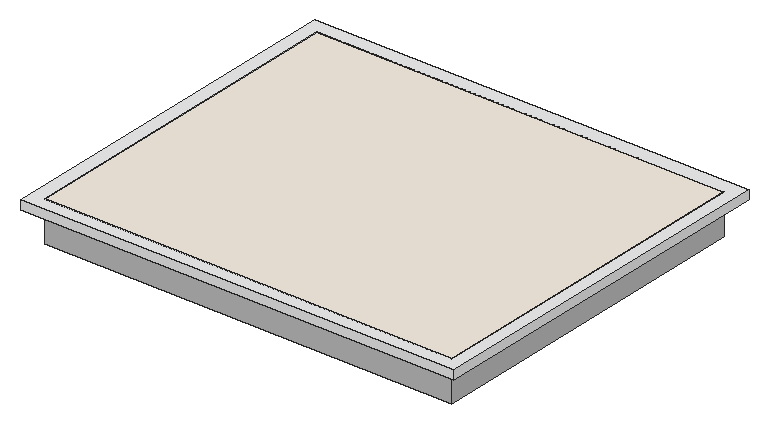
Revit family "Lighting-Industriale-GEWISS-ELIA-HL-LED_RIFLETTORE", category Apparecchi per illuminazione, host Superficie, Revit 2019 (continued)
Types (12, lengths in mm): name | Tensione | Scheda Tecnica | Potenza di sistema | Peso (kg): | Peso (kg) | Ottica | built-in parameter 1150142 | Lumen output (lm) | Modello | IDT | File diagramma fotometrico | Description
    3 11107.01 10877.01 \r\n10630.88 10363.22 10071.36 9747.21 9410.96 9088.16 \r\n8769.40 8457.36 8153.39 7861.52 7581.76 7311.42 7054.52 \r\n6817.80 6594.53 6377.99 6166.82 5954.31 5748.53 5557.54 \r\n5374.62 5205.15 5041.06 4878.31 4720.95 4571.65 4429.09 \r\n4283.82 4141.25 4002.72 3866.88 3732.38 3600.56 3476.82 \r\n3357.12 3241.45 3125.78 3010.11 2894.44 2778.77 2664.04 \r\n2548.64 2436.60 2333.71 2235.12 2135.46 2040.90 1956.71 \r\n1878.29 1802.03 1728.73 1657.31 1588.71 1524.15 1461.75 \r\n1400.01 1339.08 1279.09 1220.32 1162.21 1106.40 1054.08 \r\n1004.31 956.70 911.24 867.79 825.56 783.73 743.25 706.13 \r\n670.89 636.86 604.04 571.49 539.88 509.62 480.84 454.34 \r\n429.59 405.52 382.52 360.73 339.48 318.63 298.59 279.89 \r\n261.70 243.35 225.14 207.09 189.34 171.99 155.28 139.52 \r\n124.55 110.38 96.88 83.86 71.50 59.99 49.21 39.11 29.98 \r\n22.09 15.57 10.66 7.25 5.30 4.84 \r\n13471.52 13472.86 13475.55 13478.24 13480.93 13486.31 \r\n13491.69 13499.76 13506.49 13514.56 13523.97 13533.39 \r\n13544.15 13556.25 13569.70 13583.15 13596.60 13610.05 \r\n13624.85 13638.30 13654.44 13667.89 13684.03 13698.82 \r\n13714.96 13728.41 13743.21 13756.66 13770.11 13780.87 \r\n13791.63 13801.04 13809.11 13814.49 13818.53 13819.87 \r\n13819.87 13815.84 13810.46 13802.39 13791.63 13776.83 \r\n13760.69 13739.17 13716.31 13690.75 13659.82 13626.19 \r\n13589.88 13548.18 13501.11 13452.69 13400.23 13341.05 \r\n13277.84 13206.55 13132.58 13049.19 12960.42 12860.89 \r\n12751.94 12637.62 12511.19 12372.65 12222.01 12063.30 \r\n11892.49 11712.26 11522.61 11324.90 11115.08 10889.12 \r\n10642.98 10376.67 10087.50 9763.35 9428.45 9101.61 \r\n8778.81 8462.74 8157.42 7864.21 7581.76 7312.76 7059.90 \r\n6824.53 6599.91 6382.02 6169.51 5958.35 5753.91 5561.57 \r\n5378.65 5206.49 5039.71 4876.97 4718.26 4568.96 4423.70 \r\n4279.79 4137.22 4000.03 3864.18 3731.03 3600.56 3476.82 \r\n3357.12 3240.11 3124.43 3010.11 2894.44 2780.11 2664.98 \r\n2549.72 2437.54 2332.36 2231.76 2133.04 2039.56 1956.03 \r\n1878.02 1802.03 1728.86 1657.58 1588.98 1524.42 1462.01 \r\n1400.28 1339.49 1278.96 1219.38 1160.87 1104.38 1051.92 \r\n1002.16 955.35 910.70 867.66 825.83 783.73 743.25 706.26 \r\n671.29 637.66 604.98 572.57 541.23 511.10 482.45 456.22 \r\n431.48 407.00 383.32 361.13 339.61 318.90 298.86 280.16 \r\n262.15 243.92 225.73 207.40 189.38 171.97 155.25 139.53 \r\n124.57 110.33 96.75 83.70 71.34 59.83 49.08 38.95 29.82 \r\n22.02 15.59 10.68 7.25 5.30 4.83 \r\n13471.52 13474.21 13475.55 13478.24 13482.28 13486.31 \r\n13493.04 13499.76 13506.49 13514.56 13523.97 13534.73 \r\n13544.15 13556.25 13568.36 13581.81 13596.60 13610.05 \r\n13623.50 13638.30 13653.09 13669.23 13682.68 13698.82 \r\n13713.62 13727.07 13741.86 13755.31 13768.76 13780.87 \r\n13790.28 13801.04 13807.77 13813.15 13818.53 13818.53 \r\n13819.87 13817.18 13810.46 13802.39 13791.63 13776.83 \r\n13760.69 13740.52 13716.31 13690.75 13662.51 13630.23 \r\n13591.22 13549.53 13505.14 13455.38 13402.92 13345.09 \r\n13280.53 13211.93 13136.61 13054.57 12965.80 12866.27 \r\n12760.01 12644.34 12517.91 12380.72 12231.43 12071.37 \r\n11901.90 11720.33 11529.34 11331.62 11121.80 10895.84 \r\n10652.40 10387.43 10099.60 9778.15 9441.90 9112.37 \r\n8785.54 8468.12 8158.77 7862.87 7581.76 7315.45 7063.94 \r\n6829.91 6606.64 6387.40 6173.55 5963.73 5760.64 5568.30 \r\n5384.03 5207.84 5038.37 4874.28 4714.22 4563.59 4418.32 \r\n4274.41 4133.18 3997.34 3862.84 3729.68 3599.22 3475.48 \r\n3354.43 3237.41 3123.09 3007.42 2893.09 2778.77 2665.66 \r\n2550.79 2438.22 2330.62 2227.86 2129.81 2038.08 1955.23 \r\n1877.35 1801.63 1728.73 1657.85 1589.52 1524.96 1462.55 \r\n1400.95 1339.89 1278.96 1218.70 1159.39 1102.63 1049.77 \r\n1000.28 954.14 910.30 867.79 825.96 783.87 743.38 706.66 \r\n672.10 638.61 606.19 574.05 542.71 512.71 484.33 458.38 \r\n433.49 408.48 384.40 361.67 339.88 318.90 299.13 280.57 \r\n262.68 244.51 226.28 207.69 189.40 171.93 155.24 139.54 \r\n124.64 110.30 96.61 83.52 71.16 59.66 48.93 38.78 29.63 \r\n21.93 15.59 10.69 7.24 5.29 4.82 \r\n13471.52 13474.21 13475.55 13478.24 13482.28 13487.66 \r\n13493.04 13499.76 13506.49 13514.56 13522.63 13533.39 \r\n13544.15 13556.25 13569.70 13583.15 13596.60 13610.05 \r\n13623.50 13638.30 13653.09 13667.89 13684.03 13697.48 \r\n13713.62 13727.07 13741.86 13755.31 13768.76 13779.52 \r\n13790.28 13801.04 13807.77 13813.15 13817.18 13818.53 \r\n13818.53 13815.84 13810.46 13803.73 13791.63 13778.18 \r\n13762.04 13741.86 13719.00 13692.10 13663.85 13631.57 \r\n13593.91 13553.56 13506.49 13459.41 13405.61 13347.78 \r\n13284.56 13215.97 13140.65 13058.60 12969.83 12871.65 \r\n12765.39 12649.72 12524.64 12387.45 12239.50 12079.44 \r\n11907.28 11727.05 11536.06 11337.00 11125.84 10899.88 \r\n10657.78 10396.85 10110.36 9790.25 9454.00 9121.79 \r\n8792.26 8470.81 8160.11 7861.52 7581.76 7315.45 7067.97 \r\n6835.29 6614.71 6391.44 6176.24 5969.11 5770.05 5576.37 \r\n5389.41 5209.18 5037.02 4870.24 4711.53 4559.55 4411.60 \r\n4267.68 4127.80 3991.96 3858.80 3726.99 3596.53 3472.79 \r\n3353.09 3236.07 3120.40 3007.42 2893.09 2780.11 2666.06 \r\n2551.73 2438.75 2328.46 2223.28 2126.44 2036.46 1954.15 \r\n1876.68 1801.22 1728.59 1658.12 1590.06 1525.63 1463.23 \r\n1401.76 1340.70 1279.09 1218.30 1158.45 1101.02 1047.89 \r\n998.39 953.20 910.03 867.79 826.23 784.13 743.65 707.34 \r\n673.04 639.68 607.40 575.39 544.46 514.73 486.62 460.53 \r\n435.65 410.22 385.48 362.21 340.02 319.17 299.40 281.10 \r\n263.20 245.06 226.78 207.96 189.43 171.89 155.23 139.58 \r\n124.71 110.28 96.49 83.36 70.98 59.48 48.77 38.59 29.46 \r\n21.83 15.58 10.69 7.23 5.28 4.80 \r\n13471.52 13474.21 13475.55 13478.24 13482.28 13487.66 \r\n13493.04 13499.76 13505.14 13513.21 13522.63 13533.39 \r\n13544.15 13556.25 13568.36 13581.81 13595.26 13610.05 \r\n13623.50 13638.30 13653.09 13667.89 13682.68 13697.48 \r\n13712.27 13728.41 13741.86 13755.31 13767.42 13779.52 \r\n13790.28 13799.70 13806.42 13811.80 13817.18 13819.87 \r\n13818.53 13815.84 13810.46 13802.39 13791.63 13778.18 \r\n13760.69 13741.86 13719.00 13693.44 13665.20 13631.57 \r\n13595.26 13554.91 13509.18 13460.76 13406.96 13350.47 \r\n13287.25 13217.31 13143.34 13062.64 12973.87 12877.03 \r\n12770.77 12655.10 12528.67 12392.83 12246.22 12084.82 \r\n11912.66 11731.09 11538.75 11338.35 11127.18 10902.57 \r\n10661.81 10400.88 10117.09 9796.98 9463.42 9128.51 \r\n8796.30 8472.15 8158.77 7861.52 7579.07 7316.80 7072.01 \r\n6840.67 6620.09 6396.82 6178.93 5975.84 5778.12 5583.10 \r\n5394.80 5210.53 5035.68 4868.90 4708.85 4552.82 4404.88 \r\n4260.96 4122.43 3987.92 3856.11 3724.30 3595.18 3471.45 \r\n3349.05 3232.03 3117.71 3004.73 2891.75 2778.77 2666.33 \r\n2552.27 2439.02 2326.31 2218.98 2123.22 2034.85 1953.07 \r\n1875.74 1800.69 1728.46 1658.25 1590.60 1526.44 1464.03 \r\n1402.57 1341.64 1279.50 1217.90 1157.51 1099.54 1046.41 \r\n997.05 952.39 909.89 867.93 826.50 784.40 744.05 707.87 \r\n673.98 640.76 608.75 576.87 546.20 516.61 488.64 462.68 \r\n437.53 411.70 386.42 362.61 340.15 319.44 299.80 281.37 \r\n263.69 245.56 227.21 208.19 189.44 171.88 155.23 139.64 \r\n124.78 110.26 96.37 83.20 70.80 59.31 48.61 38.41 29.28 \r\n21.73 15.56 10.68 7.21 5.26 4.79 \r\n13471.52 13474.21 13476.90 13479.59 13482.28 13487.66 \r\n13493.04 13499.76 13506.49 13514.56 13522.63 13532.04 \r\n13544.15 13556.25 13569.70 13583.15 13596.60 13610.05 \r\n13623.50 13638.30 13653.09 13666.54 13682.68 13697.48 \r\n13712.27 13727.07 13740.52 13753.97 13767.42 13779.52 \r\n13790.28 13799.70 13806.42 13813.15 13817.18 13818.53 \r\n13818.53 13815.84 13811.80 13803.73 13792.97 13779.52 \r\n13762.04 13741.86 13719.00 13694.79 13666.54 13632.92 \r\n13596.60 13556.25 13510.52 13462.10 13409.65 13350.47 \r\n13287.25 13220.00 13144.68 13063.98 12976.56 12879.72 \r\n12773.46 12657.79 12531.36 12395.52 12248.91 12087.51 \r\n11915.35 11732.43 11540.10 11341.04 11128.53 10903.91 \r\n10663.16 10403.57 10121.12 9803.70 9470.14 9133.89 \r\n8800.33 8472.15 8157.42 7858.83 7577.73 7318.14 7074.70 \r\n6846.05 6625.47 6399.51 6181.62 5979.87 5784.85 5591.16 \r\n5400.17 5214.56 5032.99 4866.21 4706.15 4548.79 4398.15 \r\n4255.58 4118.39 3983.89 3852.08 3722.96 3593.84 3468.75 \r\n3346.36 3230.69 3116.36 3002.04 2890.40 2778.77 2666.33 \r\n2552.54 2439.02 2324.29 2215.21 2120.26 2033.51 1952.00 \r\n1874.93 1800.15 1728.19 1658.52 1591.27 1527.11 1464.70 \r\n1403.37 1342.44 1279.90 1217.76 1156.70 1098.60 1045.20 \r\n996.11 951.72 910.03 868.06 826.77 784.81 744.32 708.55 \r\n674.92 641.83 609.69 578.35 547.82 518.36 490.52 464.43 \r\n439.14 412.91 387.36 363.15 340.42 319.57 300.07 281.91 \r\n264.10 245.96 227.53 208.34 189.44 171.85 155.23 139.68 \r\n124.84 110.26 96.28 83.07 70.65 59.17 48.47 38.27 29.13 \r\n21.64 15.54 10.67 7.19 5.24 4.77 \r\n13471.52 13474.21 13476.90 13479.59 13482.28 13487.66 \r\n13493.04 13498.42 13506.49 13514.56 13522.63 13533.39 \r\n13544.15 13557.60 13568.36 13581.81 13595.26 13608.71 \r\n13624.85 13638.30 13651.75 13667.89 13681.34 13697.48 \r\n13713.62 13727.07 13740.52 13753.97 13767.42 13778.18 \r\n13791.63 13799.70 13807.77 13813.15 13815.84 13818.53 \r\n13818.53 13815.84 13810.46 13802.39 13791.63 13778.18 \r\n13762.04 13740.52 13719.00 13694.79 13667.89 13632.92 \r\n13597.95 13554.91 13509.18 13463.45 13409.65 13350.47 \r\n13288.60 13218.66 13146.03 13065.33 12976.56 12879.72 \r\n12774.81 12659.14 12532.71 12398.21 12250.26 12088.86 \r\n11916.70 11733.78 11540.10 11341.04 11125.84 10902.57 \r\n10663.16 10402.23 10119.78 9805.05 9474.18 9135.24 \r\n8798.99 8473.50 8156.08 7857.49 7575.04 7316.80 7077.39 \r\n6848.74 6628.16 6402.20 6184.31 5985.25 5791.57 5595.20 \r\n5404.21 5215.91 5032.99 4863.52 4704.81 4546.10 4392.77 \r\n4250.20 4113.01 3981.20 3849.39 3720.27 3591.15 3467.41 \r\n3346.36 3228.00 3115.02 3002.04 2889.06 2778.77 2666.33 \r\n2552.81 2439.02 2322.55 2212.26 2117.84 2032.29 1951.33 \r\n1874.39 1799.88 1728.06 1658.65 1591.67 1527.65 1465.24 \r\n1404.18 1343.12 1280.17 1217.76 1156.43 1097.79 1044.53 \r\n995.30 951.45 910.03 868.33 826.91 784.94 744.86 709.08 \r\n675.46 642.64 610.63 579.43 549.03 519.71 492.00 465.91 \r\n440.35 413.99 387.90 363.42 340.55 319.84 300.20 282.18 \r\n264.43 246.24 227.76 208.45 189.43 171.84 155.24 139.72 \r\n124.90 110.26 96.22 82.96 70.53 59.05 48.37 38.14 29.00 \r\n21.57 15.51 10.65 7.18 5.23 4.76 \r\n" | "26900" | "GWF1001QL840" | "41a02382-e4e0-4462-b4b9-29a0c934e8ad" | "GWF1001QL840.IES" | "ELIA HL L2 90° 4000K S.ALONE DALI"
